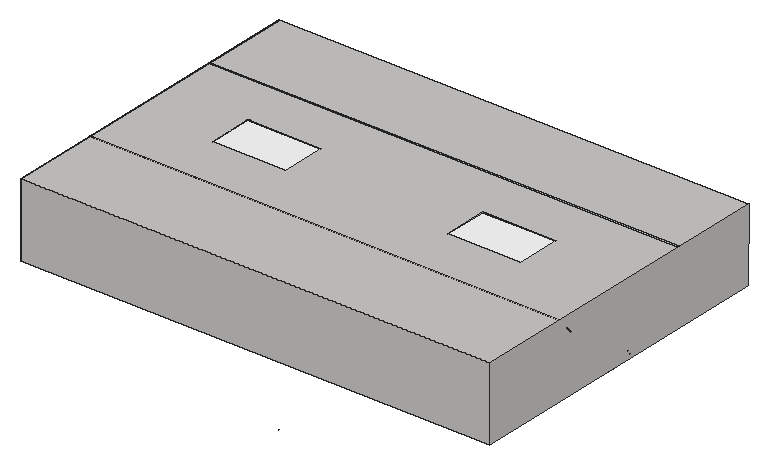
Revit family "QF_ELECTROLUXPROFESSIONAL_642045_EC2232T", category Specialty Equipment, Revit 2014
Reference planes
  plane 1: z = 0
  plane 2 "Center (Left/Right)": x = 150
  plane 3 "LEFT": x = -1450
  plane 4 "RIGHT": x = 1750
  plane 5 "BACK": y = 550
  plane 6 "TOP": z = 2500
  plane 7 "Base": z = 2000
  plane 8: z = 1946
  plane 9: x = -1447
  plane 10 "DrainX": x = 1599
  plane 11 "AOLeft2": x = -400
  plane 12 "AORight1": x = 700
  plane 13: x = 1747
  plane 14: x = -1250
  plane 15: x = 1550
  plane 16: x = 50
  plane 17: x = 250
  plane 18 "AOLeft1": x = -900
  plane 19 "AORight2": x = 1200
  plane 20: y = -400
  plane 21: through (0, -127.846, 2402.468) normal (0, -0.753, 0.6581)
  plane 22: through (0, -972.152, 2402.468) normal (0, -0.753, -0.6581)
  plane 23: y = -700
  plane 24 "Center (Front/Back)": y = -550
  plane 25: y = -1650
Forms (mm)
  Extrusion 1, solid, material "QF_Finishes_Stainless Steel"
    sketch origin (-1450, 0, 360) x (0, 1, 0) y (0, 0, 1)
      loop
        line (550, 1640) -> (550, 2140) -> (-1650, 2140) -> (-1650, 1640) -> (550, 1640)
    from 0 to 3
  Extrusion 2, solid, material "QF_Finishes_Stainless Steel"
    sketch origin (1750, 0, 360) x (0, 1, 0) y (0, 0, 1)
      loop
        line (550, 1640) -> (550, 2140) -> (-1650, 2140) -> (-1650, 1640) -> (550, 1640)
    from 0 to -3
  Extrusion 3, solid, material "QF_Finishes_Stainless Steel"
    sketch origin (150, 0, 360) x (0, 1, 0) y (0, 0, 1)
      loop
        line (-1650, 2140) -> (-1650, 1640) -> (-1640, 1640) -> (-1640, 1640.8) -> (-1649.2, 1640.8) -> (-1649.2, 2139.19) -> (549.2, 2139.19) -> (549.2, 1640.8) -> (540, 1640.8) -> (540, 1640) -> (550, 1640) -> (550, 2140) -> (-1650, 2140)
    from -1600 to 1600
  Extrusion 4, void
    sketch origin (0, 0, 2500) x (0, 1, 0) y (-1, 0, 0)
      loop
        line (-400, 400) -> (-400, 900) -> (-700, 900) -> (-700, 400) -> (-400, 400)
    from 0 to -10
  Extrusion 5, solid, material "QF_Finishes_Stainless Steel"
    sketch origin (0, 0, 0) x (1, 0, 0) y (0, 1, 0)
      loop
        line (-1450, 550) -> (-1450, 549) -> (-1449, 549) -> (-1449, 550) -> (-1450, 550)
    from 0 to 1
  Extrusion 6, solid, material "QF_Finishes_Stainless Steel"
    sketch origin (150, -400, 360) x (0, 1, 0) y (0, 0, 1)
      loop
        line (-79.471, 1685.734) -> (-56.882, 1665.992) -> (272.154, 2042.468) -> (249.566, 2062.21) -> (-79.471, 1685.734)
      loop
        line (-572.152, 2042.468) -> (-243.115, 1665.992) -> (-220.526, 1685.734) -> (-549.563, 2062.21) -> (-572.152, 2042.468)
    from -1400 to -1597
  Extrusion 7, solid, material "QF_Finishes_Stainless Steel"
    sketch origin (150, -400, 360) x (0, 1, 0) y (0, 0, 1)
      loop
        line (360.354, 2141.454) -> (357.903, 2143.511) -> (264.331, 2031.996) -> (266.169, 2030.453) -> (357.41, 2139.19) -> (358.454, 2139.19) -> (360.354, 2141.454)
      loop
        line (-560.354, 2022.279) -> (-557.903, 2024.336) -> (-564.331, 2031.996) -> (-566.169, 2030.453) -> (-657.41, 2139.19) -> (-658.454, 2139.19) -> (-560.354, 2022.279)
      loop
        arc (-83.944, 1704.554) -> (-84.545, 1704.706) -> (-85.077, 1704.389) r 0.81
        line (-85.077, 1704.389) -> (-99.535, 1684.991) -> (-116.611, 1687.002) -> (-113.609, 1712.615) -> (-114.407, 1712.708) -> (-117.406, 1687.095)
        arc (-117.406, 1687.095) -> (-117.237, 1686.499) -> (-116.695, 1686.197) r 0.81
        line (-116.695, 1686.197) -> (-99.628, 1684.196)
        arc (-99.628, 1684.196) -> (-99.213, 1684.257) -> (-98.884, 1684.517) r 0.81
        line (-98.884, 1684.517) -> (-84.436, 1703.911) -> (-73.692, 1695.919) -> (-99.855, 1660.79) -> (-200.145, 1660.79) -> (-226.308, 1695.919) -> (-215.564, 1703.911) -> (-201.116, 1684.517)
        arc (-201.116, 1684.517) -> (-200.787, 1684.257) -> (-200.372, 1684.196) r 0.81
        line (-200.372, 1684.196) -> (-183.305, 1686.197)
        arc (-183.305, 1686.197) -> (-182.763, 1686.499) -> (-182.594, 1687.095) r 0.81
        line (-182.594, 1687.095) -> (-185.593, 1712.708) -> (-186.391, 1712.615) -> (-183.389, 1687.002) -> (-200.465, 1684.991) -> (-214.923, 1704.389)
        arc (-214.923, 1704.389) -> (-215.455, 1704.706) -> (-216.056, 1704.554) r 0.81
        line (-216.056, 1704.554) -> (-226.786, 1696.561)
        arc (-226.786, 1696.561) -> (-227.103, 1696.028) -> (-226.951, 1695.427) r 0.81
        line (-226.951, 1695.427) -> (-200.843, 1660.381)
        arc (-200.843, 1660.381) -> (-200.5, 1660.093) -> (-200.063, 1659.99) r 0.972
        line (-200.063, 1659.99) -> (-99.951, 1659.99)
        arc (-99.951, 1659.99) -> (-99.502, 1660.096) -> (-99.149, 1660.393) r 1
        line (-99.149, 1660.393) -> (-73.049, 1695.427)
        arc (-73.049, 1695.427) -> (-72.897, 1696.028) -> (-73.214, 1696.561) r 0.81
        line (-73.214, 1696.561) -> (-83.944, 1704.554)
    from -1597 to 1597
  Extrusion 8, solid, material "QF_Finishes_Stainless Steel"
    sketch origin (150, -400, 360) x (0, 1, 0) y (0, 0, 1)
      loop
        line (272.154, 2042.468) -> (249.566, 2062.21) -> (-79.471, 1685.734) -> (-56.882, 1665.992) -> (272.154, 2042.468)
      loop
        line (-572.154, 2042.468) -> (-243.118, 1665.992) -> (-220.529, 1685.734) -> (-549.566, 2062.21) -> (-572.154, 2042.468)
    from 1597 to 1400
  Extrusion 9, solid, material "QF_Finishes_Stainless Steel"
    sketch origin (150, -400, 360) x (0, 1, 0) y (0, 0, 1)
      loop
        line (272.154, 2042.468) -> (249.566, 2062.21) -> (-79.471, 1685.734) -> (-56.882, 1665.992) -> (272.154, 2042.468)
      loop
        line (-572.154, 2042.468) -> (-243.118, 1665.992) -> (-220.529, 1685.734) -> (-549.566, 2062.21) -> (-572.154, 2042.468)
    from -100 to 100
  Extrusion 10, solid, material "QF_Finished_Chrome"
    sketch origin (150, -400, 360) x (0, 1, 0) y (0, 0, 1)
      loop
        line (249.566, 2062.21) -> (-79.471, 1685.734) -> (-56.882, 1665.992) -> (272.154, 2042.468) -> (249.566, 2062.21)
      loop
        line (-549.566, 2062.21) -> (-572.154, 2042.468) -> (-243.118, 1665.992) -> (-220.529, 1685.734) -> (-549.566, 2062.21)
    from -1400 to -100
  Extrusion 11, solid, material "QF_Finished_Chrome"
    sketch origin (150, -400, 360) x (0, 1, 0) y (0, 0, 1)
      loop
        line (272.154, 2042.468) -> (249.566, 2062.21) -> (-79.471, 1685.734) -> (-56.882, 1665.992) -> (272.154, 2042.468)
      loop
        line (-572.154, 2042.468) -> (-243.118, 1665.992) -> (-220.529, 1685.734) -> (-549.566, 2062.21) -> (-572.154, 2042.468)
    from 100 to 1400
  Sweep 12, solid, material "QF_Finishes_Stainless Steel"
    path origin (0, 0, 0) x (1, 0, 0) y (0, 1, 0)
      loop
        line (1750, 550) -> (-1450, 550) -> (-1450, -1650) -> (1750, -1650) -> (1750, 550)
    profile origin (1750, -550, 0) x (1, 0, 0) y (0, 0, 1)
      loop
        line (-3, 2000) -> (-3, 2000.8) -> (-19, 2000.8) -> (-19, 2010) -> (-20, 2010) -> (-20, 2000) -> (-3, 2000)
  Extrusion 13, void
    sketch origin (0, 0, 2500) x (0, 1, 0) y (-1, 0, 0)
      loop
        line (-400, -1200) -> (-400, -700) -> (-700, -700) -> (-700, -1200) -> (-400, -1200)
    from 0 to -10
  Extrusion 14, solid, material "QF_Finishes_Stainless Steel"
    sketch origin (1599, 0, 0) x (0, 1, 0) y (0, 0, 1)
      loop
        arc (-518.5, 1946) -> (-511.429, 1948.929) -> (-508.5, 1956) r 10
        line (-508.5, 1956) -> (-508.5, 2000.8) -> (-591.5, 2000.8) -> (-591.5, 1956)
        arc (-591.5, 1956) -> (-588.571, 1948.929) -> (-581.5, 1946) r 10
        line (-581.5, 1946) -> (-518.5, 1946)
    from -90 to 90
  Extrusion 15, solid, material "QF_Finishes_Stainless Steel"
    sketch origin (0, -1100, 2000) x (0, 1, 0) y (-1, 0, 0)
      loop
        circle (550, -1599) r 6.35
    from -3.799 to 0
Cuts and joins
  Extrusion 4, Extrusion 13 cuts Extrusion 3
  joined: Extrusion 2, Extrusion 3, Sweep 12
Lines and regions (mm)
  symbolic lines, style "SpecialityEquipment", detail levels coarse
    curve 1: line (1750, 550, 2500) -> (-1450, 550, 2500)
    curve 2: line (-1450, 550, 2500) -> (-1450, -1640, 2500)
    curve 3: line (1750, -1650, 2500) -> (1750, 550, 2500)
    curve 4: line (-1450, 550, 0) -> (1750, -1650, 0)
    curve 5: line (1750, 550, 0) -> (-1447, -1650, 0)
  symbolic lines, detail levels coarse
    curve 6: line (-1447, -1650, 0) -> (1750, -1650, 0)
    curve 7: line (-900, -700, 0) -> (-400, -700, 0)
    curve 8: line (-900, -400, 0) -> (-900, -700, 0)
    curve 9: line (-400, -400, 0) -> (-900, -400, 0)
    curve 10: line (-400, -700, 0) -> (-400, -400, 0)
    curve 11: line (700, -400, 0) -> (700, -700, 0)
    curve 12: line (1200, -400, 0) -> (700, -400, 0)
    curve 13: line (1200, -700, 0) -> (1200, -400, 0)
    curve 14: line (700, -700, 0) -> (1200, -700, 0)
Dimensions and locks
  plane 3 "LEFT" to plane 4 "RIGHT" = 3200 mm
  equal spacing: plane 3 "LEFT", plane 2 "Center (Left/Right)", plane 4 "RIGHT"
  plane 3 "LEFT" to plane 9 = 3 mm
  plane 10 "DrainX" to plane 4 "RIGHT" = 151 mm
  plane 13 to plane 4 "RIGHT" = 3 mm
  plane 3 "LEFT" to plane 14 = 200 mm
  plane 15 to plane 4 "RIGHT" = 200 mm
  locked: plane 11 "AOLeft2" to plane 12 "AORight1" at 1100
  equal spacing: plane 11 "AOLeft2", plane 2 "Center (Left/Right)", plane 12 "AORight1"
  locked: plane 7 "Base" to level at 2000
  locked: plane 16 to plane 17 at 200
  equal spacing: plane 16, plane 2 "Center (Left/Right)", plane 17
  plane 18 "AOLeft1" to plane 11 "AOLeft2" = 500 mm
  plane 12 "AORight1" to plane 19 "AORight2" = 500 mm
  plane 7 "Base" to plane 8 = 54 mm
  locked: plane 6 "TOP" to plane 7 "Base" at 500
  plane 5 "BACK" to plane 25 = 2200 mm  (x2)
  equal spacing: plane 5 "BACK", plane 24 "Center (Front/Back)", plane 25
  plane 23 to plane 20 = 300 mm
  equal spacing: plane 23, plane 24 "Center (Front/Back)", plane 20
  aligned and locked: level to plane 1
  aligned and locked: plane 4 "RIGHT" to Extrusion 3
  aligned and locked: Extrusion 3 to plane 3 "LEFT"
  aligned and locked: Extrusion 6 to plane 9
  aligned and locked: plane 14 to Extrusion 6
  aligned and locked: Extrusion 2 to plane 13
  aligned and locked: plane 13 to Extrusion 8
  aligned and locked: plane 15 to Extrusion 8
  aligned and locked: plane 17 to Extrusion 9
  aligned and locked: Extrusion 9 to plane 16
  aligned and locked: plane 16 to Extrusion 10
  aligned and locked: Extrusion 10 to plane 14
  aligned and locked: Extrusion 11 to plane 17
  aligned and locked: Extrusion 11 to plane 15
  aligned and locked: Extrusion 7 to plane 9
  aligned and locked: Extrusion 7 to plane 13
  aligned and locked: Extrusion 4 to plane 18 "AOLeft1"
  aligned and locked: Extrusion 4 to plane 11 "AOLeft2"
  aligned and locked: plane 12 "AORight1" to Extrusion 13
  aligned and locked: plane 19 "AORight2" to Extrusion 13
  aligned and locked: plane 23 to Extrusion 13
  aligned and locked: plane 23 to Extrusion 4
  aligned and locked: plane 20 to Extrusion 13
  aligned and locked: plane 20 to Extrusion 4
  aligned and locked: curve 7 to Extrusion 4
  aligned and locked: curve 8 to Extrusion 4
  aligned and locked: curve 9 to Extrusion 4
  aligned and locked: curve 10 to Extrusion 4
  aligned and locked: curve 11 to Extrusion 13
  aligned and locked: curve 12 to Extrusion 13
  aligned and locked: curve 13 to Extrusion 13
  aligned and locked: curve 14 to Extrusion 13
Automatic sketch dimensions
  Extrusion 1 sketch curve to plane 7 "Base" = 0 mm
  Extrusion 1 sketch curve to plane 5 "BACK" = 0 mm
  Extrusion 1 sketch curve to plane 6 "TOP" = 0 mm
  Extrusion 2 sketch curve to plane 7 "Base" = 0 mm
  Extrusion 2 sketch curve to plane 5 "BACK" = 0 mm
  Extrusion 2 sketch curve to plane 6 "TOP" = 0 mm
  Extrusion 3 sketch curve to plane 6 "TOP" = 0 mm
  Extrusion 3 sketch curve to plane 7 "Base" = 0 mm  (x2)
  Extrusion 3 sketch curve to plane 5 "BACK" = 0 mm
  Extrusion 3 sketch curve to Extrusion 3 sketch curve = 9.2 mm
  plane 7 "Base" to Extrusion 3 sketch curve = 0.8 mm  (x2)
  Extrusion 3 sketch curve to plane 5 "BACK" = 10 mm
  Extrusion 3 sketch curve to plane 5 "BACK" = 0.8 mm
  Extrusion 3 sketch curve to plane 6 "TOP" = 0.81 mm
  Extrusion 4 sketch curve to plane 11 "AOLeft2" = 0 mm
  Extrusion 4 sketch curve to plane 18 "AOLeft1" = 0 mm
  Extrusion 5 sketch curve to plane 3 "LEFT" = 0 mm
  Extrusion 5 sketch curve to plane 5 "BACK" = 0 mm
  plane 3 "LEFT" to Extrusion 5 sketch curve = 1 mm
  Extrusion 5 sketch curve to Extrusion 5 sketch curve = 1 mm
  Sweep 12 sketch curve to plane 3 "LEFT" = 0 mm
  Sweep 12 sketch curve to plane 4 "RIGHT" = 0 mm
  Sweep 12 sketch curve to plane 5 "BACK" = 0 mm
  profile plane to Sweep 12 sketch curve = 20 mm
  Sweep 12 sketch curve to Sweep 12 sketch curve = 1 mm
  profile plane to Sweep 12 sketch curve = 3 mm
  level to Sweep 12 sketch curve = 2000 mm
  Sweep 12 sketch curve to Sweep 12 sketch curve = 0.8 mm
  Sweep 12 sketch curve to Sweep 12 sketch curve = 9.2 mm
  Extrusion 13 sketch curve to plane 11 "AOLeft2" = 1600 mm
  plane 18 "AOLeft1" to Extrusion 13 sketch curve = 1600 mm
  Extrusion 13 sketch curve to Extrusion 13 sketch curve = 300 mm
  Extrusion 3 sketch curve to Extrusion 3 sketch curve = 0.8 mm
  Extrusion 6 sketch curve to plane 21 = 0 mm  (x2)
  Extrusion 6 sketch curve to plane 6 "TOP" = 77.79 mm  (x2)
  plane 7 "Base" to Extrusion 6 sketch curve = 25.992 mm  (x2)
  plane 7 "Base" to Extrusion 6 sketch curve = 45.734 mm
  Extrusion 6 sketch curve to plane 22 = 0 mm
  plane 22 to Extrusion 6 sketch curve = 0 mm
  Extrusion 10 sketch curve to plane 21 = 0 mm  (x2)
  Extrusion 10 sketch curve to plane 6 "TOP" = 77.79 mm  (x2)
  Extrusion 10 sketch curve to Extrusion 10 sketch curve = 22.589 mm
  plane 7 "Base" to Extrusion 10 sketch curve = 25.992 mm  (x2)
  Extrusion 9 sketch curve to plane 21 = 0 mm  (x2)
  Extrusion 9 sketch curve to plane 6 "TOP" = 77.79 mm  (x2)
  Extrusion 9 sketch curve to Extrusion 9 sketch curve = 22.589 mm
  plane 7 "Base" to Extrusion 9 sketch curve = 25.992 mm  (x2)
  Extrusion 11 sketch curve to plane 21 = 0 mm  (x2)
  Extrusion 11 sketch curve to plane 6 "TOP" = 77.79 mm  (x2)
  Extrusion 11 sketch curve to Extrusion 11 sketch curve = 22.589 mm
  plane 7 "Base" to Extrusion 11 sketch curve = 25.992 mm  (x2)
  Extrusion 8 sketch curve to plane 21 = 0 mm  (x2)
  Extrusion 8 sketch curve to plane 6 "TOP" = 77.79 mm  (x2)
  Extrusion 8 sketch curve to Extrusion 8 sketch curve = 22.589 mm
  plane 7 "Base" to Extrusion 8 sketch curve = 25.992 mm  (x2)
  plane 7 "Base" to Extrusion 8 sketch curve = 45.734 mm
  plane 7 "Base" to Extrusion 9 sketch curve = 45.734 mm
  plane 7 "Base" to Extrusion 10 sketch curve = 45.734 mm
  plane 7 "Base" to Extrusion 11 sketch curve = 45.734 mm
  Extrusion 13 sketch curve to plane 20 = 0 mm
  plane 23 to Extrusion 1 sketch curve = 950 mm
  plane 23 to Extrusion 2 sketch curve = 950 mm
  plane 23 to Extrusion 3 sketch curve = 940 mm
  plane 23 to Sweep 12 sketch curve = 950 mm
  plane 23 to Extrusion 4 sketch curve = 0 mm
  Extrusion 4 sketch curve to plane 20 = 0 mm
  plane 23 to Extrusion 6 sketch curve = 249.563 mm
  Extrusion 8 sketch curve to plane 23 = 79.471 mm
  plane 23 to Extrusion 8 sketch curve = 249.566 mm
  Extrusion 9 sketch curve to plane 23 = 79.471 mm
  plane 23 to Extrusion 9 sketch curve = 249.566 mm
  Extrusion 10 sketch curve to plane 23 = 79.471 mm
  plane 23 to Extrusion 10 sketch curve = 249.566 mm
  Extrusion 11 sketch curve to plane 23 = 79.471 mm
  plane 23 to Extrusion 11 sketch curve = 249.566 mm
  Extrusion 15 sketch curve to plane 10 "DrainX" = 0 mm
  Extrusion 15 sketch curve to plane 24 "Center (Front/Back)" = 0 mm
  Extrusion 14 sketch curve to plane 8 = 0 mm
  plane 8 to Extrusion 14 sketch curve = 10 mm
  Extrusion 14 sketch curve to plane 24 "Center (Front/Back)" = 41.5 mm
  plane 24 "Center (Front/Back)" to Extrusion 14 sketch curve = 31.5 mm
  plane 7 "Base" to Extrusion 14 sketch curve = 0.8 mm
  plane 24 "Center (Front/Back)" to Extrusion 14 sketch curve = 41.5 mm
  Extrusion 7 sketch curve to plane 6 "TOP" = 0.81 mm  (x2)
  plane 23 to Extrusion 7 sketch curve = 358.454 mm
  Extrusion 7 sketch curve to Extrusion 7 sketch curve = 1.044 mm  (x2)
  Extrusion 7 sketch curve to plane 6 "TOP" = 109.547 mm  (x2)
  Extrusion 7 sketch curve to Extrusion 7 sketch curve = 91.241 mm
  Extrusion 7 sketch curve to plane 6 "TOP" = 108.004 mm  (x2)
  Extrusion 7 sketch curve to plane 6 "TOP" = 117.721 mm
  Extrusion 7 sketch curve to plane 23 = 73.049 mm
  Extrusion 7 sketch curve to Extrusion 7 sketch curve = 0.166 mm
  Extrusion 7 sketch curve to Extrusion 7 sketch curve = 0.478 mm  (x4)
  Extrusion 7 sketch curve to Extrusion 7 sketch curve = 0.006 mm  (x4)
  Extrusion 7 sketch curve to Extrusion 7 sketch curve = 10.73 mm  (x2)
  Extrusion 7 sketch curve to Extrusion 7 sketch curve = 0.484 mm  (x4)
  Extrusion 7 sketch curve to Extrusion 7 sketch curve = 0.008 mm  (x4)
  Extrusion 7 sketch curve to Extrusion 7 sketch curve = 0.641 mm  (x2)
  Extrusion 7 sketch curve to Extrusion 7 sketch curve = 14.448 mm
  plane 7 "Base" to Extrusion 7 sketch curve = 20.381 mm
  Extrusion 7 sketch curve to Extrusion 7 sketch curve = 0.273 mm
  Extrusion 7 sketch curve to Extrusion 7 sketch curve = 0.65 mm  (x2)
  Extrusion 7 sketch curve to Extrusion 7 sketch curve = 0.001 mm  (x4)
  Extrusion 7 sketch curve to Extrusion 7 sketch curve = 0.093 mm  (x2)
  plane 7 "Base" to Extrusion 7 sketch curve = 20.79 mm
  Extrusion 7 sketch curve to Extrusion 7 sketch curve = 0.698 mm
  Extrusion 7 sketch curve to Extrusion 7 sketch curve = 0.081 mm
  Extrusion 7 sketch curve to Extrusion 7 sketch curve = 28.531 mm
  Extrusion 7 sketch curve to Extrusion 7 sketch curve = 0.799 mm  (x2)
  Extrusion 7 sketch curve to Extrusion 7 sketch curve = 17.067 mm  (x2)
  Extrusion 7 sketch curve to Extrusion 7 sketch curve = 0.01 mm  (x4)
  Extrusion 7 sketch curve to Extrusion 7 sketch curve = 0.094 mm
  Extrusion 7 sketch curve to Extrusion 7 sketch curve = 0.795 mm  (x2)
  plane 24 "Center (Front/Back)" to Extrusion 7 sketch curve = 32.594 mm
  Extrusion 7 sketch curve to Extrusion 7 sketch curve = 0.71 mm
  Extrusion 7 sketch curve to Extrusion 7 sketch curve = 2.998 mm
  Extrusion 7 sketch curve to Extrusion 7 sketch curve = 16.745 mm
  Extrusion 7 sketch curve to Extrusion 7 sketch curve = 0.095 mm
  plane 7 "Base" to Extrusion 7 sketch curve = 20.393 mm
  Extrusion 7 sketch curve to Extrusion 7 sketch curve = 0.707 mm
  Extrusion 7 sketch curve to Extrusion 7 sketch curve = 0.651 mm
  Extrusion 7 sketch curve to Extrusion 7 sketch curve = 14.456 mm
  plane 20 to Extrusion 7 sketch curve = 264.331 mm
  plane 6 "TOP" to Extrusion 7 sketch curve = 3.511 mm
  Extrusion 7 sketch curve to Extrusion 7 sketch curve = 0.8 mm
  Extrusion 7 sketch curve to Extrusion 7 sketch curve = 23.206 mm
  Extrusion 7 sketch curve to Extrusion 7 sketch curve = 23.234 mm
  Extrusion 7 sketch curve to Extrusion 7 sketch curve = 0.321 mm  (x2)
  Extrusion 7 sketch curve to Extrusion 7 sketch curve = 2.001 mm  (x2)
  Extrusion 7 sketch curve to Extrusion 7 sketch curve = 0.804 mm  (x2)
  Extrusion 7 sketch curve to Extrusion 7 sketch curve = 10.911 mm  (x2)
  Extrusion 7 sketch curve to Extrusion 7 sketch curve = 7.993 mm  (x2)
  Extrusion 7 sketch curve to Extrusion 7 sketch curve = 25.613 mm  (x2)
  Extrusion 7 sketch curve to Extrusion 7 sketch curve = 1.839 mm
  curve 4 to plane 3 "LEFT" = 0 mm
  curve 6 to plane 9 = 0 mm
  curve 6 to plane 4 "RIGHT" = 0 mm
  curve 5 to plane 4 "RIGHT" = 0 mm
  curve 4 to plane 25 = 0 mm
  curve 4 to plane 5 "BACK" = 0 mm
  curve 5 to plane 5 "BACK" = 0 mm
  curve 3 to plane 4 "RIGHT" = 0 mm
  curve 3 to plane 25 = 0 mm
  curve 2 to plane 3 "LEFT" = 0 mm
  curve 2 to plane 5 "BACK" = 0 mm
  plane 25 to curve 2 = 10 mm
  radius of Extrusion 15 sketch curve = 6.35 mm
Connectors
  hvac at (-650, -550, 2500)
    settings: on Extrusion 4, index 2, duct flow 0.0 L/s, flow factor 0, pres drop 0.0 Pa, loss coef 0, conn angle 0.00°, conn width 300 mm, conn height 500 mm, conn diameter 609.6 mm, duct sys type 3, conn prof type 1, flow config 1, flow direction 2, loss method 0, conn ref index -1, conn util no, is conn primary yes, conn desc "EXHAUST OUTLET"
  hvac at (950, -550, 2500)
    settings: on Extrusion 13, index 3, duct flow 0.0 L/s, flow factor 0, pres drop 0.0 Pa, loss coef 0, conn angle 0.00°, conn width 300 mm, conn height 500 mm, conn diameter 609.6 mm, duct sys type 3, conn prof type 1, flow config 1, flow direction 2, loss method 0, conn ref index -1, conn util no, is conn primary no, conn desc "EXHAUST OUTLET"
  piping at (1599, -550, 1996.201), diameter 12.7
    settings: on Extrusion 15, index 4, connector inside diameter 609.6 mm, connector length 0 mm, flow factor 0, pipe flow 0.0 L/s, pressure drop 0.0 Pa, fitting loss kfactor 0, connector angle 0.00°, fixture units 0, engagement length 0 mm, angle of deflection 0.00°, flow configuration 1, flow direction 2, fitting loss method 0, system type 16, joint type 0, gender type 0, connector reference index -1, connector utility 0, adjustable connector no, is connector primary yes, connector description "Drain"
